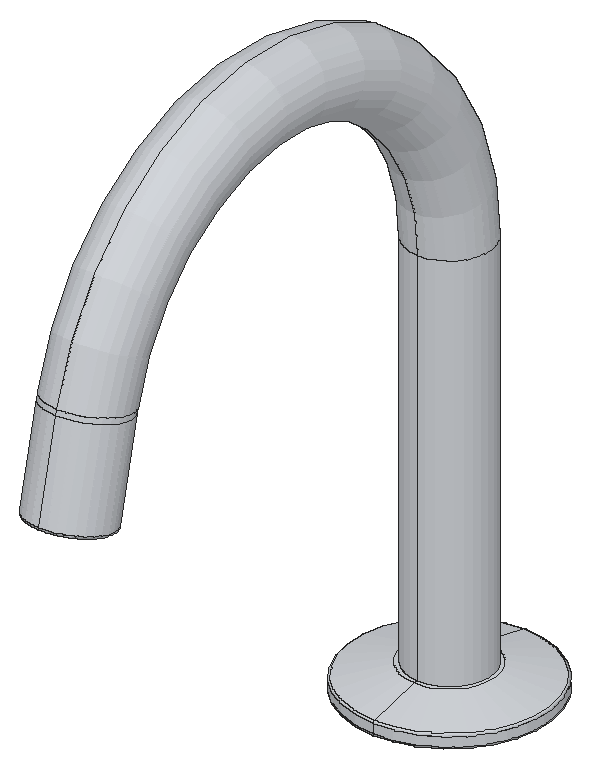
Revit family "Faucet_Touchless-Lavatory-KOHLER-Components-K-104MT76_1", category Plumbing Fixtures, host Face, Revit 2021
Family settings
  Host = Face
  Round Connector Dimension = Use Diameter
  Part Type = Normal
  OmniClass Number = 23.31.11.00
  Cut with Voids When Loaded = No
  Shared = No
  Room Calculation Point = No
Parameters (values of type "0.5 GPM, CP-Polished Chrome")
  Width = 2.3622"  # constant formula
  WaterSense Certified = 1 = 0  # no
  Waste Water Outlet = "Waste Water Outlet"  # constant formula
  Waste Connection = 1 = 0  # no
  Vent Connection = 1 = 0  # no
  URL = "https://www.us.kohler.com/us/"
  Type = 1
  Spout Reach = 5.75591"  # constant formula
  Product Page URL = "http://www.us.kohler.com/us/catalog/productDetails.jsp?productNumber=104MT76-SANA"
  Product Name = "Components"  # constant formula
  Product Documentation Link = "https://www.us.kohler.com/webassets/kpna/catalog/pdf/en/K-104MT76-SANA _spec_US-CA_Kohler_en.pdf"
  Pressure = 0.00 psi
  Model = if(Type = 1, "K-104MT76-SANA -CP", "NA")  # "K-104MT76-SANA -CP"
  Material = "Premium Metal Construction"  # constant formula
  Master Format 2014 Name = "Residential Faucets, Supplies, and Trim"  # constant formula
  Master Format 2014 = "22 41 39"  # constant formula
  Manufacturer Address = "444 Highland Dr, Kohler, WI 53044"  # constant formula
  Manufacturer = "Kohler Co."  # constant formula
  Length = Spout Reach  # 5.75591"
  Hot Water Inlet = "Hot Water Inlet"  # constant formula
  Height = 8.38583"  # constant formula
  HW Connection = 1 = 0  # no
  Flow Rate = 0.5 GPM  # constant formula
  Finish = Kohler-Metal-CP-Polished_Chrome
  Environmental Product Declaration = ""
  Drain Included = 1 = 1  # yes
  Description = "TB S Deck Mount 0.5 GPM DC Cold Only "  # constant formula
  Default Elevation = 36"
  Declare Label = ""
  Date Modified = "02/28/2024"  # constant formula
  Date Created = "02/28/2024"  # constant formula
  Copyright = "Copyright Kohler Co."  # constant formula
  Contact Us = "https://www.us.kohler.com/us/static/contact.jsp"
  Cold Water Inlet = "Cold Water Inlet"  # constant formula
  CW Connection = 1 = 1  # yes
  Assembly Code = "D2010"
  ADA Compliant = 1 = 0  # no
Reference planes (in)
  plane 1 "Center (Front/Back)": y = 0
  plane 2: z = 0
  plane 3 "Center (Left/Right)": x = 0
  plane 4: y = 1.1811
  plane 5: y = -1.1811
  plane 6: x = -1.1811
  plane 7: x = 1.1811
  plane 8: y = 0.49213
  plane 9: y = -0.49213
  plane 10: y = -6.38145
  plane 11: x = -0.49213
  plane 12: x = 0.49213
  plane 13: z = 8.38583
  plane 14: z = 4.40945
  plane 15: through (0, 1.1811, 2.80687) normal (0, 0.225, 0.9744)
  plane 16: y = -5.75591
Dimensions and locks (in)
  plane 6 to plane 7 = 2.3622"
  plane 11 to plane 12 = 0.98425"  (x2)
  plane 4 to plane 5 = 2.3622"  (x3)
  plane 4 to plane 10 = 7.56255"  (x2)
  plane 10 to plane 1 "Center (Front/Back)" = 6.38145"
  "Height": plane 13 to level
  "Width": plane 6 to plane 7
  plane 14 to level = 4.40945"
  level to plane 14 = 4.40945"
  level to plane 13 = 8.38583"
  plane 1 "Center (Front/Back)" to plane 10 = 6.38145"
  "Length": plane 1 "Center (Front/Back)" to plane 16
  plane 8 to plane 9 = 0.98425"
  aligned and locked: plane 2 to host face
  aligned and locked: level to host face
Automatic sketch dimensions
  host sketch curve to host sketch curve = 96"  (x2)
Nested families (in)
  nested 1: "K-104MT76" at (0, 0, 0), type "K-104MT76"
Connectors (in)
  piping at (0, 0, 0), diameter 0.5, driven by "Flow Rate", driven by "CW Connection", driven by "Cold Water Inlet"
    settings: on nested 1, index 1, connector inside diameter 24", connector length 0", flow factor 0, pipe flow 0.5 GPM, pressure drop 0.00 psi, fitting loss kfactor 0, connector angle 0.00°, fixture units 0, engagement length 0", angle of deflection 0.00°, flow configuration 1, flow direction 1, fitting loss method 0, system type 20, joint type 0, gender type 0, connector reference index -1, connector utility 1, adjustable connector no, is connector primary yes, connector description "Cold Water Inlet"
Definition of nested family "K-104MT76"
  Parameters
    Material = none
    Default Elevation = 0"
  Reference planes (in)
    plane 1 "Center (Front/Back)": y = 0
    plane 2: z = 0
    plane 3 "Center (Left/Right)": x = 0
    plane 4: z = 8.38583
    plane 5: x = -0.49213
    plane 6: x = 0.49213
    plane 7: x = -1.1811
    plane 8: x = 1.1811
    plane 9: y = 0.49213
    plane 10: y = -0.49213
    plane 11: y = 1.1811
    plane 12: y = -1.1811
    plane 13: z = 4.40945
    plane 14: y = -6.38145
    plane 15: z = 0.31486
    plane 16: z = 0.16114
    plane 17: z = 0.14187
    plane 18 "AA": through (0, -5.85373, 4.45372) normal (0, 0.225, 0.9744)
    plane 19: through (0, -5.44585, 4.35249) normal (0, 0.225, 0.9744)
    plane 20: through (0, -6.01229, 4.4676) normal (0, -0.225, -0.9744)
  Forms (in)
    Revolve 1, solid, material <- "Material", detail levels medium+fine
      sketch origin (0, 0, 0) x (0, 1, 0) y (0, 0, 1)
        loop
          arc (1.16142, 0) -> (1.17534, 0.00577) -> (1.1811, 0.01969) r 0.01969
          line (1.1811, 0.01969) -> (1.1811, 0.13546)
          arc (1.1811, 0.13546) -> (1.17511, 0.1527) -> (1.15971, 0.1625) r 0.02779
          line (1.15971, 0.1625) -> (0.54311, 0.30838)
          arc (0.54311, 0.30838) -> (0.51554, 0.31323) -> (0.4876, 0.31486) r 0.24114
          line (0.4876, 0.31486) -> (0, 0.31486) -> (0, 0) -> (1.16142, 0)
        axis (0, 0.31486) -> (0, 0)
      angle from 0 to 360
    Sweep 2, solid, material <- "Material", detail levels medium+fine
      path origin (0, 0, 0) x (0, 1, 0) y (0, 0, 1)
        loop
          line (-5.71344, 5.30848) -> (-5.62488, 5.69209)
          arc (-5.62488, 5.69209) -> (-2.52644, 7.88185) -> (0, 5.05121) r 2.84895
          line (0, 5.05121) -> (0, 0.21572)
      profile origin (0, 0, 2.63347) x (1, 0, 0) y (0, 1, 0)
        loop
          circle (0, 0) r 0.49213
    Revolve 3, solid, material <- "Material", detail levels medium+fine
      sketch origin (0, 0, 0) x (0, 1, 0) y (0, 0, 1)
        loop
          line (-5.90789, 4.46625) -> (-5.63893, 5.63124) -> (-6.11844, 5.74195) -> (-6.38209, 4.59997)
          arc (-6.38209, 4.59997) -> (-6.3791, 4.58213) -> (-6.36439, 4.57164) r 0.02362
          line (-6.36439, 4.57164) -> (-5.90789, 4.46625)
        axis (-5.63893, 5.63124) -> (-5.90789, 4.46625)
      angle from 0 to 360
    Extrusion 4, void
      sketch origin (0, 0.67997, 2.94529) x (0, 0.97437, -0.224951) y (-1, 0, 0)
        loop
          circle (-6.5984, 0.00027) r 0.28331
      from -0.37167 to 0.45149
    Extrusion 5, solid, detail levels medium+fine
      sketch origin (0, 0.67997, 2.94529) x (0, 0.97437, -0.224951) y (-1, 0, 0)
        loop
          arc (-6.31509, 0.00027) -> (-6.3159, 0.02172) -> (-6.31834, 0.04304) r 0.28331
          line (-6.31834, 0.04304) -> (-6.38091, 0.04304)
          arc (-6.38091, 0.04304) -> (-6.37675, 0.00124) -> (-6.38054, -0.04059) r 0.22165
          line (-6.38054, -0.04059) -> (-6.31805, -0.04059)
          arc (-6.31805, -0.04059) -> (-6.31583, -0.02021) -> (-6.31509, 0.00027) r 0.28331
        loop
          arc (-6.88171, 0.00027) -> (-6.8809, -0.0211) -> (-6.87849, -0.04234) r 0.28331
          line (-6.87849, -0.04234) -> (-6.81592, -0.04234)
          arc (-6.81592, -0.04234) -> (-6.82005, 0.00198) -> (-6.81524, 0.04623) r 0.22165
          line (-6.81524, 0.04623) -> (-6.87796, 0.04623)
          arc (-6.87796, 0.04623) -> (-6.88077, 0.02333) -> (-6.88171, 0.00027) r 0.28331
        loop
          arc (-6.78469, 0.12038) -> (-6.75625, 0.15588) -> (-6.72116, 0.18483) r 0.22165
          line (-6.72116, 0.18483) -> (-6.76544, 0.2291)
          arc (-6.76544, 0.2291) -> (-6.79984, 0.19949) -> (-6.82907, 0.16476) r 0.28331
          line (-6.82907, 0.16476) -> (-6.78469, 0.12038)
        loop
          arc (-6.64461, 0.21706) -> (-6.60315, 0.22188) -> (-6.56153, 0.21884) r 0.22165
          line (-6.56153, 0.21884) -> (-6.56153, 0.28117)
          arc (-6.56153, 0.28117) -> (-6.60312, 0.28354) -> (-6.64461, 0.27979) r 0.28331
          line (-6.64461, 0.27979) -> (-6.64461, 0.21706)
        loop
          arc (-6.47706, 0.18576) -> (-6.44304, 0.15836) -> (-6.41504, 0.12482) r 0.22165
          line (-6.41504, 0.12482) -> (-6.37084, 0.16903)
          arc (-6.37084, 0.16903) -> (-6.40139, 0.20386) -> (-6.43721, 0.23326) r 0.28331
          line (-6.43721, 0.23326) -> (-6.47706, 0.18576)
        loop
          arc (-6.41731, -0.12754) -> (-6.44401, -0.15876) -> (-6.47601, -0.18453) r 0.22165
          line (-6.47601, -0.18453) -> (-6.43172, -0.22882)
          arc (-6.43172, -0.22882) -> (-6.39663, -0.19861) -> (-6.36693, -0.16309) r 0.28331
          line (-6.36693, -0.16309) -> (-6.41731, -0.12754)
        loop
          arc (-6.55791, -0.21765) -> (-6.6011, -0.22137) -> (-6.64419, -0.2166) r 0.22165
          line (-6.64419, -0.2166) -> (-6.64419, -0.27931)
          arc (-6.64419, -0.27931) -> (-6.60108, -0.28302) -> (-6.55791, -0.28013) r 0.28331
          line (-6.55791, -0.28013) -> (-6.55791, -0.21765)
        loop
          line (-6.78424, -0.12053) -> (-6.82859, -0.16488)
          arc (-6.82859, -0.16488) -> (-6.79802, -0.20077) -> (-6.76192, -0.23109) r 0.28331
          line (-6.76192, -0.23109) -> (-6.72301, -0.18304)
          arc (-6.72301, -0.18304) -> (-6.75674, -0.15484) -> (-6.78424, -0.12053) r 0.22165
      from -0.01199 to 0.52506
    Extrusion 6, solid, detail levels medium+fine
      sketch origin (0, 0.67997, 2.94529) x (0, 0.97437, -0.224951) y (-1, 0, 0)
        loop
          circle (-6.5984, 0.00027) r 0.18057
        loop
          circle (-6.5984, 0.00027) r 0.0353
        loop
          line (-6.70759, 0.00197) -> (-6.69186, -0.02527) -> (-6.6604, -0.02527) -> (-6.64467, 0.00197) -> (-6.6604, 0.02922) -> (-6.69186, 0.02922) -> (-6.70759, 0.00197)
        loop
          line (-6.70759, -0.06957) -> (-6.69186, -0.09681) -> (-6.6604, -0.09681) -> (-6.64467, -0.06957) -> (-6.6604, -0.04232) -> (-6.69186, -0.04232) -> (-6.70759, -0.06957)
        loop
          line (-6.49076, -0.0011) -> (-6.50648, 0.02614) -> (-6.53794, 0.02614) -> (-6.55367, -0.0011) -> (-6.53794, -0.02835) -> (-6.50648, -0.02835) -> (-6.49076, -0.0011)
        loop
          line (-6.49076, -0.07264) -> (-6.50648, -0.0454) -> (-6.53794, -0.0454) -> (-6.55367, -0.07264) -> (-6.53794, -0.09988) -> (-6.50648, -0.09988) -> (-6.49076, -0.07264)
        loop
          line (-6.70759, 0.07351) -> (-6.69186, 0.04626) -> (-6.6604, 0.04626) -> (-6.64467, 0.07351) -> (-6.6604, 0.10075) -> (-6.69186, 0.10075) -> (-6.70759, 0.07351)
        loop
          line (-6.49076, 0.07043) -> (-6.50648, 0.09768) -> (-6.53794, 0.09768) -> (-6.55367, 0.07043) -> (-6.53794, 0.04319) -> (-6.50648, 0.04319) -> (-6.49076, 0.07043)
        loop
          line (-6.56809, 0.06428) -> (-6.58382, 0.09152) -> (-6.61528, 0.09152) -> (-6.63101, 0.06428) -> (-6.61528, 0.03704) -> (-6.58382, 0.03704) -> (-6.56809, 0.06428)
        loop
          line (-6.56809, 0.12988) -> (-6.58382, 0.15712) -> (-6.61528, 0.15712) -> (-6.63101, 0.12988) -> (-6.61528, 0.10264) -> (-6.58382, 0.10264) -> (-6.56809, 0.12988)
        loop
          line (-6.56809, -0.06681) -> (-6.58382, -0.03957) -> (-6.61528, -0.03957) -> (-6.63101, -0.06681) -> (-6.61528, -0.09406) -> (-6.58382, -0.09406) -> (-6.56809, -0.06681)
        loop
          line (-6.56809, -0.13241) -> (-6.58382, -0.10517) -> (-6.61528, -0.10517) -> (-6.63101, -0.13241) -> (-6.61528, -0.15966) -> (-6.58382, -0.15966) -> (-6.56809, -0.13241)
      from 0.02783 to 0.69865
    Extrusion 7, solid, detail levels medium+fine
      sketch origin (0, 0.67997, 2.94529) x (0, 0.97437, -0.224951) y (-1, 0, 0)
        loop
          circle (-6.5984, 0.00027) r 0.18057
        loop
          circle (-6.5984, 0.00027) r 0.20412
      from 0 to 0.45149
    Extrusion 8, solid, detail levels medium+fine
      sketch origin (0, 0.67997, 2.94529) x (0, 0.97437, -0.224951) y (-1, 0, 0)
        loop
          circle (-6.5984, 0.00027) r 0.28331
        loop
          circle (-6.5984, 0.00027) r 0.20412
      from 0.03685 to 1.13893
    Extrusion 9, solid, material <- "Material"
      sketch origin (0, 0, 0) x (1, 0, 0) y (0, 1, 0)
        loop
          circle (0, 0) r 0.09843
      from 0 to 0.21572
    Revolve 10, solid, material <- "Material", detail levels coarse
      sketch origin (0, 0, 0) x (0, 1, 0) y (0, 0, 1)
        loop
          line (1.1811, 0) -> (1.1811, 0.12604)
          arc (1.1811, 0.12604) -> (1.17252, 0.15058) -> (1.1505, 0.16442) r 0.03937
          line (1.1505, 0.16442) -> (0.53899, 0.30415)
          arc (0.53899, 0.30415) -> (0.49182, 0.31217) -> (0.44405, 0.31486) r 0.42621
          line (0.44405, 0.31486) -> (0, 0.31486) -> (0, 0) -> (1.1811, 0)
        axis (0, 0.31486) -> (0, 0)
      angle from 0 to 360
    Sweep 11, solid, material <- "Material", detail levels coarse
      path origin (0, 0, 0) x (0, 1, 0) y (0, 0, 1)
        loop
          line (-5.90344, 4.46875) -> (-5.63491, 5.63187)
          arc (-5.63491, 5.63187) -> (-2.53094, 7.82553) -> (0, 4.98985) r 2.85403
          line (0, 4.98985) -> (0, 0.14187)
      profile origin (0, 0, 2.56586) x (1, 0, 0) y (0, 1, 0)
        loop
          circle (0, 0) r 0.49213
    Extrusion 12, solid, detail levels coarse
      sketch origin (0, 0.67997, 2.94529) x (0, 0.97437, -0.224951) y (-1, 0, 0)
        loop
          circle (-6.5984, 0.00027) r 0.28331
      from 0.00347 to 0.69865
  Cuts and joins
    Extrusion 4 cuts Revolve 3
    joined: Sweep 2, Revolve 3
    Extrusion 4 cuts Sweep 11
  Lines and regions (in)
    Masking region 1
      outline origin (0, 0, 0) x (1, 0, 0) y (0, 1, 0)
        loop
          arc (-1.1811, 0) -> (-0.99405, -0.63787) -> (-0.49213, -1.07369) r 1.1811
          line (-0.49213, -1.07369) -> (-0.49213, -5.91883)
          arc (-0.49213, -5.91883) -> (-0.42001, -6.14984) -> (-0.24592, -6.31793) r 0.48878
          arc (-0.24592, -6.31793) -> (-0.12704, -6.3653) -> (-0.00009, -6.38145) r 0.50783
          arc (-0.00009, -6.38145) -> (0.12695, -6.36532) -> (0.24592, -6.31793) r 0.50783
          arc (0.24592, -6.31793) -> (0.41953, -6.15066) -> (0.49213, -5.92077) r 0.48901
          line (0.49213, -5.92077) -> (0.49213, -1.07369)
          arc (0.49213, -1.07369) -> (0.99405, -0.63787) -> (1.1811, 0) r 1.1811
          arc (1.1811, 0) -> (0.83517, 0.83517) -> (0, 1.1811) r 1.1811
          arc (0, 1.1811) -> (-0.83517, 0.83517) -> (-1.1811, 0) r 1.1811
    Masking region 2
      outline origin (0, 0, 0) x (1, 0, 0) y (0, 0, 1)
        loop
          line (-0.49213, 7.93018) -> (-0.49213, 0.31486)
          arc (-0.49213, 0.31486) -> (-0.51164, 0.31351) -> (-0.53089, 0.31006) r 0.18147
          line (-0.53089, 0.31006) -> (-1.16266, 0.16145)
          arc (-1.16266, 0.16145) -> (-1.17593, 0.15302) -> (-1.1811, 0.13817) r 0.02392
          line (-1.1811, 0.13817) -> (-1.1811, 0.01969)
          arc (-1.1811, 0.01969) -> (-1.17534, 0.00577) -> (-1.16142, 0) r 0.01969
          line (-1.16142, 0) -> (1.16142, 0)
          arc (1.16142, 0) -> (1.17534, 0.00577) -> (1.1811, 0.01969) r 0.01969
          line (1.1811, 0.01969) -> (1.1811, 0.13817)
          arc (1.1811, 0.13817) -> (1.17593, 0.15302) -> (1.16266, 0.16145) r 0.02392
          line (1.16266, 0.16145) -> (0.53089, 0.31006)
          arc (0.53089, 0.31006) -> (0.51164, 0.31351) -> (0.49213, 0.31486) r 0.18147
          line (0.49213, 0.31486) -> (0.49213, 7.92885)
          arc (0.49213, 7.92885) -> (0.419, 8.15082) -> (0.25292, 8.31524) r 0.49959
          arc (0.25292, 8.31524) -> (0.13129, 8.36785) -> (0, 8.38583) r 0.48843
          arc (0, 8.38583) -> (-0.13129, 8.36785) -> (-0.25292, 8.31524) r 0.48843
          arc (-0.25292, 8.31524) -> (-0.41868, 8.15139) -> (-0.49213, 7.93018) r 0.49987
    Masking region 3
      outline origin (0, 0, 0) x (0, 1, 0) y (0, 0, 1)
        loop
          arc (1.16142, 0) -> (1.17534, 0.00577) -> (1.1811, 0.01969) r 0.01969
          line (1.1811, 0.01969) -> (1.1811, 0.1388)
          arc (1.1811, 0.1388) -> (1.176, 0.15346) -> (1.16291, 0.16179) r 0.02362
          line (1.16291, 0.16179) -> (0.53614, 0.30987)
          arc (0.53614, 0.30987) -> (0.51428, 0.31368) -> (0.49213, 0.31486) r 0.18633
          line (0.49213, 0.31486) -> (0.49213, 5.04589)
          arc (0.49213, 5.04589) -> (-0.46891, 7.39279) -> (-2.80245, 8.38583) r 3.33605
          arc (-2.80245, 8.38583) -> (-3.17699, 8.36955) -> (-3.54738, 8.3116) r 3.35661
          arc (-3.54738, 8.3116) -> (-5.19054, 7.42612) -> (-6.10192, 5.79719) r 3.33982
          line (-6.10192, 5.79719) -> (-6.38095, 4.58856)
          arc (-6.38095, 4.58856) -> (-6.37847, 4.57372) -> (-6.36621, 4.56497) r 0.01967
          line (-6.36621, 4.56497) -> (-6.03805, 4.48921) -> (-6.01229, 4.4676) -> (-5.49766, 4.34878) -> (-5.44585, 4.35249)
          arc (-5.44585, 4.35249) -> (-5.4303, 4.35509) -> (-5.42114, 4.36794) r 0.02061
          line (-5.42114, 4.36794) -> (-5.14297, 5.5728)
          arc (-5.14297, 5.5728) -> (-2.58107, 7.38337) -> (-0.49213, 5.0429) r 2.35561
          line (-0.49213, 5.0429) -> (-0.49213, 0.31486)
          arc (-0.49213, 0.31486) -> (-0.51428, 0.31368) -> (-0.53614, 0.30987) r 0.18633
          line (-0.53614, 0.30987) -> (-1.16291, 0.16179)
          arc (-1.16291, 0.16179) -> (-1.176, 0.15346) -> (-1.1811, 0.1388) r 0.02362
          line (-1.1811, 0.1388) -> (-1.1811, 0.01969)
          arc (-1.1811, 0.01969) -> (-1.17534, 0.00577) -> (-1.16142, 0) r 0.01969
          line (-1.16142, 0) -> (1.16142, 0)
    symbolic lines, detail levels medium+fine
      curve 1: line (-0.49213, 0, 0) -> (-0.49213, -1.1811, 0)
      curve 2: line (0.49213, 0, 0) -> (0.49213, -1.1811, 0)
      curve 3: arc (-0.39755, 0.27432, 0) -> (0.00535, 0.49216, 0) -> (0.40825, 0.27432, 0) r 0.48151
      curve 4: arc (-0.49213, 0, 0) -> (-0.4619, 0.14304, 0) -> (-0.39755, 0.27432, 0) r 0.59227
      curve 5: arc (0.40825, 0.27432, 0) -> (0.46971, 0.14313, 0) -> (0.49213, 0, 0) r 0.51409
      curve 6: arc (0.49213, -0.20753, 0) -> (0, 0.5341, 0) -> (-0.49213, -0.20753, 0) r 0.5341
      curve 7: arc (0.49213, -1.05486, 0) -> (0, 1.16401, 0) -> (-0.49213, -1.05486, 0) r 1.16401
      curve 8: arc (-0.49213, -5.45945, 0) -> (0, -5.95158, 0) -> (0.49213, -5.45945, 0) r 0.49213
      curve 9: line (-1.18068, 0, 0.14187) -> (1.18069, 0, 0.14187)
      curve 10: line (-0.49213, 0, 0.31486) -> (0.49213, 0, 0.31486)
      curve 11: line (-0.53089, 0, 0.31006) -> (0.53089, 0, 0.31006)
      curve 12: spline (0.25988, 0, 4.45554) -> (0.23293, 0, 4.46763) -> (0.19768, 0, 4.47819) -> (0.15537, 0, 4.48685) -> (0.10753, 0, 4.4933) -> (0.05586, 0, 4.4973) -> (0.00219, 0, 4.49873) -> (-0.05155, 0, 4.49752) -> (-0.10346, 0, 4.49371) -> (-0.15168, 0, 4.48746) -> (-0.19449, 0, 4.47897) -> (-0.23036, 0, 4.46854) -> (-0.25803, 0, 4.45657)
      curve 13: line (-0.04189, 0, 4.35394) -> (-0.04189, 0, 4.40945)
      curve 14: line (-0.04189, 0, 4.40945) -> (0.03963, 0, 4.40945)
      curve 15: line (0.03963, 0, 4.40945) -> (0.03963, 0, 4.35394)
      curve 16: line (0.03963, 0, 4.35394) -> (-0.04189, 0, 4.35394)
      curve 17: line (0.12213, 0, 4.40945) -> (0.12213, 0, 4.36637)
      curve 18: line (0.12213, 0, 4.36637) -> (0.18417, 0, 4.383)
      curve 19: line (0.18417, 0, 4.383) -> (0.18417, 0, 4.42226)
      curve 20: line (0.18417, 0, 4.42226) -> (0.12213, 0, 4.40945)
      curve 21: line (0.18417, 0, 4.42226) -> (0.21935, 0, 4.40945)
      curve 22: line (0.21935, 0, 4.40945) -> (0.21935, 0, 4.37854)
      curve 23: line (0.21935, 0, 4.37854) -> (0.18417, 0, 4.383)
      curve 24: line (0.12213, 0, 4.36637) -> (0.15247, 0, 4.36253)
      curve 25: line (0.15247, 0, 4.36253) -> (0.21935, 0, 4.37854)
      curve 26: line (-0.12213, 0, 4.40945) -> (-0.12213, 0, 4.36637)
      curve 27: line (-0.12213, 0, 4.36637) -> (-0.18417, 0, 4.383)
      curve 28: line (-0.18417, 0, 4.383) -> (-0.18417, 0, 4.42226)
      curve 29: line (-0.18417, 0, 4.42226) -> (-0.12213, 0, 4.40945)
      curve 30: line (-0.18417, 0, 4.42226) -> (-0.21935, 0, 4.40945)
      curve 31: line (-0.21935, 0, 4.40945) -> (-0.21935, 0, 4.37854)
      curve 32: line (-0.21935, 0, 4.37854) -> (-0.18417, 0, 4.383)
      curve 33: line (-0.12213, 0, 4.36637) -> (-0.15234, 0, 4.36254)
      curve 34: line (-0.15234, 0, 4.36254) -> (-0.21935, 0, 4.37854)
      curve 35: line (-0.04189, 0, 4.49793) -> (-0.04189, 0, 4.46004)
      curve 36: line (-0.04189, 0, 4.46004) -> (0.03963, 0, 4.46004)
      curve 37: line (0.03963, 0, 4.46004) -> (0.03963, 0, 4.49802)
      curve 38: line (-0.04189, 0, 4.46986) -> (0.03963, 0, 4.46986)
      curve 39: line (0.12579, 0, 4.44362) -> (0.15837, 0, 4.45235)
      curve 40: line (0.15837, 0, 4.45235) -> (0.21416, 0, 4.4374)
      curve 41: line (0.12579, 0, 4.44362) -> (0.12579, 0, 4.49118)
      curve 42: line (0.15837, 0, 4.45235) -> (0.15837, 0, 4.48634)
      curve 43: line (0.21416, 0, 4.4374) -> (0.21416, 0, 4.47375)
      curve 44: line (0.21416, 0, 4.4374) -> (0.18417, 0, 4.42937)
      curve 45: line (0.18417, 0, 4.42937) -> (0.12579, 0, 4.44362)
      curve 46: line (0.21935, 0, 4.4551) -> (0.21935, 0, 4.4175)
      curve 47: line (0.21935, 0, 4.4175) -> (0.25911, 0, 4.4175)
      curve 48: line (0.25911, 0, 4.4175) -> (0.25911, 0, 4.4551)
      curve 49: line (0.25911, 0, 4.4551) -> (0.21935, 0, 4.4551)
      curve 50: line (-0.12579, 0, 4.44362) -> (-0.15837, 0, 4.45235)
      curve 51: line (-0.15837, 0, 4.45235) -> (-0.21416, 0, 4.4374)
      curve 52: line (-0.12579, 0, 4.44362) -> (-0.12579, 0, 4.49118)
      curve 53: line (-0.15837, 0, 4.45235) -> (-0.15837, 0, 4.48634)
      curve 54: line (-0.21416, 0, 4.4374) -> (-0.21416, 0, 4.47375)
      curve 55: line (-0.21416, 0, 4.4374) -> (-0.18417, 0, 4.42937)
      curve 56: line (-0.18417, 0, 4.42937) -> (-0.12579, 0, 4.44362)
      curve 57: line (-0.21935, 0, 4.4551) -> (-0.21935, 0, 4.4175)
      curve 58: line (-0.21935, 0, 4.4175) -> (-0.25988, 0, 4.4175)
      curve 59: line (-0.25988, 0, 4.4175) -> (-0.25988, 0, 4.4551)
      curve 60: line (-0.25988, 0, 4.4551) -> (-0.21935, 0, 4.4551)
      curve 61: spline (-0.03343, 0, 4.44434) -> (-0.03229, 0, 4.44631) -> (-0.02895, 0, 4.44815) -> (-0.02364, 0, 4.44972) -> (-0.01672, 0, 4.45093) -> (-0.00865, 0, 4.45169) -> (0, 0, 4.45195) -> (0.00865, 0, 4.45169) -> (0.01672, 0, 4.45093) -> (0.02364, 0, 4.44972) -> (0.02895, 0, 4.44815) -> (0.03229, 0, 4.44631) -> (0.03343, 0, 4.44434) -> (0.03229, 0, 4.44238) -> (0.02895, 0, 4.44054) -> (0.02364, 0, 4.43897) -> (0.01672, 0, 4.43776) -> (0.00865, 0, 4.437) -> (0, 0, 4.43674) -> (-0.00865, 0, 4.437) -> (-0.01672, 0, 4.43776) -> (-0.02364, 0, 4.43897) -> (-0.02895, 0, 4.44054) -> (-0.03229, 0, 4.44238) -> (-0.03343, 0, 4.44434)
      curve 62: spline (0.03997, 0, 4.44127) -> (0.0411, 0, 4.44324) -> (0.04444, 0, 4.44507) -> (0.04976, 0, 4.44664) -> (0.05668, 0, 4.44785) -> (0.06475, 0, 4.44861) -> (0.0734, 0, 4.44887) -> (0.08205, 0, 4.44861) -> (0.09012, 0, 4.44785) -> (0.09704, 0, 4.44664) -> (0.10235, 0, 4.44507) -> (0.10569, 0, 4.44324) -> (0.10683, 0, 4.44127) -> (0.10569, 0, 4.4393) -> (0.10235, 0, 4.43747) -> (0.09704, 0, 4.43589) -> (0.09012, 0, 4.43468) -> (0.08205, 0, 4.43392) -> (0.0734, 0, 4.43366) -> (0.06475, 0, 4.43392) -> (0.05668, 0, 4.43468) -> (0.04976, 0, 4.43589) -> (0.04444, 0, 4.43747) -> (0.0411, 0, 4.4393) -> (0.03997, 0, 4.44127)
      curve 63: spline (0.04455, 0, 4.47294) -> (0.04569, 0, 4.47491) -> (0.04903, 0, 4.47674) -> (0.05434, 0, 4.47832) -> (0.06127, 0, 4.47952) -> (0.06933, 0, 4.48028) -> (0.07798, 0, 4.48054) -> (0.08664, 0, 4.48028) -> (0.0947, 0, 4.47952) -> (0.10163, 0, 4.47832) -> (0.10694, 0, 4.47674) -> (0.11028, 0, 4.47491) -> (0.11142, 0, 4.47294) -> (0.11028, 0, 4.47097) -> (0.10694, 0, 4.46914) -> (0.10163, 0, 4.46756) -> (0.0947, 0, 4.46635) -> (0.08664, 0, 4.4656) -> (0.07798, 0, 4.46534) -> (0.06933, 0, 4.4656) -> (0.06127, 0, 4.46635) -> (0.05434, 0, 4.46756) -> (0.04903, 0, 4.46914) -> (0.04569, 0, 4.47097) -> (0.04455, 0, 4.47294)
      curve 64: spline (-0.03997, 0, 4.44127) -> (-0.0411, 0, 4.44324) -> (-0.04444, 0, 4.44507) -> (-0.04976, 0, 4.44664) -> (-0.05668, 0, 4.44785) -> (-0.06475, 0, 4.44861) -> (-0.0734, 0, 4.44887) -> (-0.08205, 0, 4.44861) -> (-0.09012, 0, 4.44785) -> (-0.09704, 0, 4.44664) -> (-0.10235, 0, 4.44507) -> (-0.10569, 0, 4.44324) -> (-0.10683, 0, 4.44127) -> (-0.10569, 0, 4.4393) -> (-0.10235, 0, 4.43747) -> (-0.09704, 0, 4.43589) -> (-0.09012, 0, 4.43468) -> (-0.08205, 0, 4.43392) -> (-0.0734, 0, 4.43366) -> (-0.06475, 0, 4.43392) -> (-0.05668, 0, 4.43468) -> (-0.04976, 0, 4.43589) -> (-0.04444, 0, 4.43747) -> (-0.0411, 0, 4.4393) -> (-0.03997, 0, 4.44127)
      curve 65: spline (-0.04455, 0, 4.47294) -> (-0.04569, 0, 4.47491) -> (-0.04903, 0, 4.47674) -> (-0.05434, 0, 4.47832) -> (-0.06127, 0, 4.47952) -> (-0.06933, 0, 4.48028) -> (-0.07798, 0, 4.48054) -> (-0.08664, 0, 4.48028) -> (-0.0947, 0, 4.47952) -> (-0.10163, 0, 4.47832) -> (-0.10694, 0, 4.47674) -> (-0.11028, 0, 4.47491) -> (-0.11142, 0, 4.47294) -> (-0.11028, 0, 4.47097) -> (-0.10694, 0, 4.46914) -> (-0.10163, 0, 4.46756) -> (-0.0947, 0, 4.46635) -> (-0.08664, 0, 4.4656) -> (-0.07798, 0, 4.46534) -> (-0.06933, 0, 4.4656) -> (-0.06127, 0, 4.46635) -> (-0.05434, 0, 4.46756) -> (-0.04903, 0, 4.46914) -> (-0.04569, 0, 4.47097) -> (-0.04455, 0, 4.47294)
      curve 66: spline (-0.03343, 0, 4.42023) -> (-0.03229, 0, 4.41826) -> (-0.02895, 0, 4.41642) -> (-0.02364, 0, 4.41485) -> (-0.01672, 0, 4.41364) -> (-0.00865, 0, 4.41288) -> (0, 0, 4.41262) -> (0.00865, 0, 4.41288) -> (0.01672, 0, 4.41364) -> (0.02364, 0, 4.41485) -> (0.02895, 0, 4.41642) -> (0.03229, 0, 4.41826) -> (0.03343, 0, 4.42023) -> (0.03229, 0, 4.42219) -> (0.02895, 0, 4.42403) -> (0.02364, 0, 4.4256) -> (0.01672, 0, 4.42681) -> (0.00865, 0, 4.42757) -> (0, 0, 4.42783) -> (-0.00865, 0, 4.42757) -> (-0.01672, 0, 4.42681) -> (-0.02364, 0, 4.4256) -> (-0.02895, 0, 4.42403) -> (-0.03229, 0, 4.42219) -> (-0.03343, 0, 4.42023)
      curve 67: spline (0.03997, 0, 4.42171) -> (0.0411, 0, 4.41974) -> (0.04444, 0, 4.41791) -> (0.04976, 0, 4.41633) -> (0.05668, 0, 4.41512) -> (0.06475, 0, 4.41436) -> (0.0734, 0, 4.41411) -> (0.08205, 0, 4.41436) -> (0.09012, 0, 4.41512) -> (0.09704, 0, 4.41633) -> (0.10235, 0, 4.41791) -> (0.10569, 0, 4.41974) -> (0.10683, 0, 4.42171) -> (0.10569, 0, 4.42368) -> (0.10235, 0, 4.42551) -> (0.09704, 0, 4.42709) -> (0.09012, 0, 4.42829) -> (0.08205, 0, 4.42905) -> (0.0734, 0, 4.42931) -> (0.06475, 0, 4.42905) -> (0.05668, 0, 4.42829) -> (0.04976, 0, 4.42709) -> (0.04444, 0, 4.42551) -> (0.0411, 0, 4.42368) -> (0.03997, 0, 4.42171)
      curve 68: spline (-0.03997, 0, 4.42171) -> (-0.0411, 0, 4.41974) -> (-0.04444, 0, 4.41791) -> (-0.04976, 0, 4.41633) -> (-0.05668, 0, 4.41512) -> (-0.06475, 0, 4.41436) -> (-0.0734, 0, 4.41411) -> (-0.08205, 0, 4.41436) -> (-0.09012, 0, 4.41512) -> (-0.09704, 0, 4.41633) -> (-0.10235, 0, 4.41791) -> (-0.10569, 0, 4.41974) -> (-0.10683, 0, 4.42171) -> (-0.10569, 0, 4.42368) -> (-0.10235, 0, 4.42551) -> (-0.09704, 0, 4.42709) -> (-0.09012, 0, 4.42829) -> (-0.08205, 0, 4.42905) -> (-0.0734, 0, 4.42931) -> (-0.06475, 0, 4.42905) -> (-0.05668, 0, 4.42829) -> (-0.04976, 0, 4.42709) -> (-0.04444, 0, 4.42551) -> (-0.0411, 0, 4.42368) -> (-0.03997, 0, 4.42171)
      curve 69: spline (0.49213, 0, 4.45639) -> (0.47536, 0, 4.48537) -> (0.42619, 0, 4.51238) -> (0.34799, 0, 4.53557) -> (0.24606, 0, 4.55337) -> (0.12737, 0, 4.56456) -> (0, 0, 4.56837) -> (-0.12737, 0, 4.56456) -> (-0.24606, 0, 4.55337) -> (-0.34799, 0, 4.53557) -> (-0.42619, 0, 4.51238) -> (-0.47536, 0, 4.48537) -> (-0.49213, 0, 4.45639) -> (-0.47536, 0, 4.42741) -> (-0.42619, 0, 4.4004) -> (-0.34799, 0, 4.37721) -> (-0.24606, 0, 4.35941) -> (-0.12737, 0, 4.34823) -> (0, 0, 4.34441) -> (0.12737, 0, 4.34823) -> (0.24606, 0, 4.35941) -> (0.34799, 0, 4.37721) -> (0.42619, 0, 4.4004) -> (0.47536, 0, 4.42741) -> (0.49213, 0, 4.45639)
      curve 70: arc (-0.12213, 0, 4.38791) -> (-0.08221, 0, 4.38217) -> (-0.04189, 0, 4.3817) r 0.30826
      curve 71: arc (0.12213, 0, 4.38791) -> (0.08108, 0, 4.38209) -> (0.03963, 0, 4.38183) r 0.30826
      curve 72: arc (-0.16468, 0, 4.43413) -> (-0.10506, 0, 4.41292) -> (-0.04189, 0, 4.40901) r 0.22684
      curve 73: arc (0.16468, 0, 4.43413) -> (0.10392, 0, 4.41269) -> (0.03958, 0, 4.4092) r 0.22684
      curve 74: arc (-0.34839, 0, 5.76275) -> (0.00004, 0, 5.79463) -> (0.34847, 0, 5.76275) r 1.92003
      curve 75: arc (-0.49213, 0, 5.69298) -> (-0.42498, 0, 5.7376) -> (-0.34839, 0, 5.76275) r 0.30019
      curve 76: arc (0.49213, 0, 5.69298) -> (0.42498, 0, 5.7376) -> (0.34839, 0, 5.76275) r 0.30019
      curve 77: spline (0.49208, 0, 4.47021) -> (0.47386, 0, 4.49892) -> (0.42386, 0, 4.5256) -> (0.34542, 0, 4.54846) -> (0.24381, 0, 4.56597) -> (0.12584, 0, 4.57695) -> (-0.00057, 0, 4.58068) -> (-0.12694, 0, 4.57689) -> (-0.24479, 0, 4.56584) -> (-0.34623, 0, 4.54828) -> (-0.42443, 0, 4.52537) -> (-0.47417, 0, 4.49867) -> (-0.49209, 0, 4.46995)
      curve 78: spline (0.49208, 0, 4.44257) -> (0.47386, 0, 4.41387) -> (0.42386, 0, 4.38719) -> (0.34542, 0, 4.36433) -> (0.24381, 0, 4.34682) -> (0.12584, 0, 4.33583) -> (-0.00057, 0, 4.33211) -> (-0.12694, 0, 4.3359) -> (-0.24479, 0, 4.34694) -> (-0.34623, 0, 4.36451) -> (-0.42443, 0, 4.38741) -> (-0.47417, 0, 4.41412) -> (-0.49209, 0, 4.44283)
      curve 79: arc (-0.19568, 0, 4.41806) -> (-0.20765, 0, 4.42379) -> (-0.21935, 0, 4.43005) r 0.29657
      curve 80: arc (0.19568, 0, 4.41806) -> (0.20765, 0, 4.42379) -> (0.21935, 0, 4.43005) r 0.29657
      curve 81: spline (-0.25803, 0, 4.45657) -> (-0.28401, 0, 4.4329) -> (-0.27851, 0, 4.40833) -> (-0.24213, 0, 4.3856) -> (-0.17892, 0, 4.36721) -> (-0.09587, 0, 4.35521) -> (-0.00219, 0, 4.35093) -> (0.09173, 0, 4.35484) -> (0.17548, 0, 4.36651) -> (0.23978, 0, 4.38464) -> (0.2775, 0, 4.40723) -> (0.28445, 0, 4.43177) -> (0.25988, 0, 4.45554)
      curve 82: line (0, -5.42611, 4.35856) -> (0, -6.38069, 4.57894)
      curve 83: line (0, 0.49213, 0.31486) -> (0, -0.49213, 0.31486)
      curve 84: line (0, 0.53614, 0.30987) -> (0, -0.53614, 0.30987)
      curve 85: line (0, 0.49213, 5.04589) -> (0, -0.49225, 5.04589)
      curve 86: line (0, -5.14297, 5.5728) -> (0, -6.10285, 5.79315)
      curve 87: line (0, -5.44585, 4.35249) -> (0, -6.03805, 4.48921)
      curve 88: circle (0, 0, 4.97671) r 0.01969 normal (0, -1, 0)
      curve 89: arc (-0.06887, 0, 4.86398) -> (0.00039, 0, 4.8474) -> (0.06956, 0, 4.86434) r 0.15133
      curve 90: arc (-0.02949, 0, 4.90832) -> (0.00154, 0, 4.9029) -> (0.03235, 0, 4.90947) r 0.08277
      curve 91: arc (-0.05662, 0, 4.88909) -> (-0.00047, 0, 4.87748) -> (0.05496, 0, 4.89213) r 0.12512
      curve 92: arc (0.05496, 0, 4.89213) -> (0.07624, 0, 4.88558) -> (0.06956, 0, 4.86434) r 0.0157
      curve 93: arc (-0.06887, 0, 4.86398) -> (-0.07507, 0, 4.88254) -> (-0.05662, 0, 4.88909) r 0.01397
      curve 94: arc (-0.01987, 0, 4.93038) -> (0.00153, 0, 4.92533) -> (0.02297, 0, 4.93018) r 0.04885
      curve 95: arc (0.02297, 0, 4.93018) -> (0.03826, 0, 4.92463) -> (0.03235, 0, 4.90947) r 0.01137
      curve 96: arc (-0.02949, 0, 4.90832) -> (-0.03624, 0, 4.92439) -> (-0.01987, 0, 4.93038) r 0.01204
      curve 97: line (-1.16353, 0, 0.16114) -> (1.16353, 0, 0.16114)
      curve 98: line (-1.17861, 0, 0.0102) -> (1.17861, 0, 0.0102)
      curve 99: line (0, 1.1647, 0.16114) -> (0, -1.16472, 0.16114)
      curve 100: line (0, 1.18076, 0.14187) -> (0, -1.18076, 0.14187)
      curve 101: line (0, 1.17861, 0.0102) -> (0, -1.17861, 0.0102)
      curve 102: line (-0.06945, -6.29084, 0) -> (-0.00014, -6.29084, 0)
      curve 103: line (-0.00014, -6.31053, 0) -> (-0.06945, -6.31053, 0)
      curve 104: arc (-0.06945, -6.31053, 0) -> (-0.07929, -6.30069, 0) -> (-0.06945, -6.29084, 0) r 0.00984
      curve 105: line (-0.05054, -6.26502, 0) -> (-0.00014, -6.26502, 0)
      curve 106: line (-0.00014, -6.28471, 0) -> (-0.05054, -6.28471, 0)
      curve 107: arc (-0.05054, -6.28471, 0) -> (-0.06039, -6.27487, 0) -> (-0.05054, -6.26502, 0) r 0.00984
      curve 108: line (0.06917, -6.29084, 0) -> (-0.00014, -6.29084, 0)
      curve 109: line (-0.00014, -6.31053, 0) -> (0.06917, -6.31053, 0)
      curve 110: arc (0.06917, -6.31053, 0) -> (0.07901, -6.30069, 0) -> (0.06917, -6.29084, 0) r 0.00984
      curve 111: line (0.05026, -6.26502, 0) -> (-0.00014, -6.26502, 0)
      curve 112: line (-0.00014, -6.28471, 0) -> (0.05026, -6.28471, 0)
      curve 113: arc (0.05026, -6.28471, 0) -> (0.06011, -6.27487, 0) -> (0.05026, -6.26502, 0) r 0.00984
      curve 114: circle (0, -6.24706, 0) r 0.00984 normal (0, 0, 1)
  Dimensions and locks (in)
    plane 4 to level = 8.38583"  (x2)
    plane 9 to plane 10 = 0.98425"
    plane 11 to plane 12 = 2.3622"
    plane 13 to level = 4.40945"
    plane 11 to plane 14 = 7.56255"
    plane 8 to plane 7 = 2.3622"
    plane 6 to plane 5 = 0.98425"
    plane 14 to plane 11 = 7.56255"
    plane 7 to plane 8 = 2.3622"
    plane 12 to plane 11 = 2.3622"
    plane 10 to plane 9 = 0.98425"
    plane 5 to plane 6 = 0.98425"
    aligned and locked: plane 2 to level
